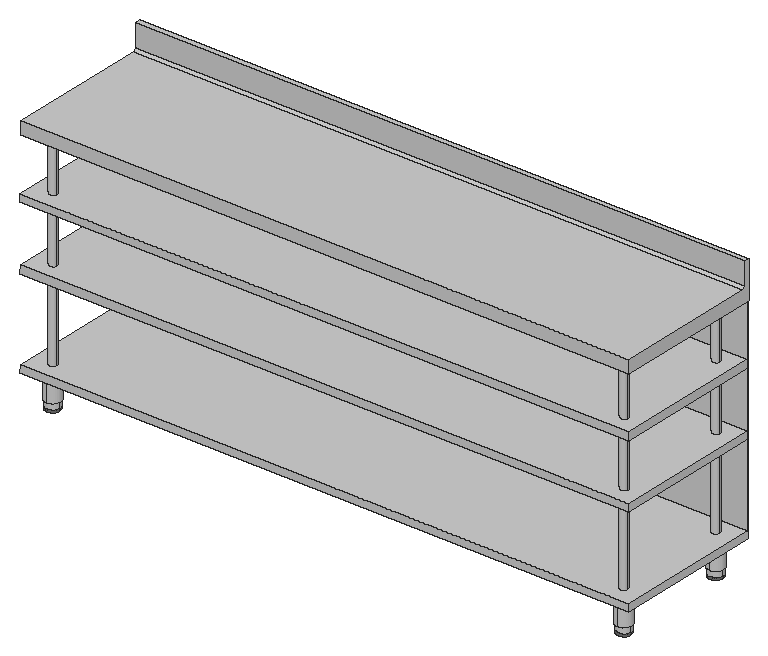
Revit family "QF_INFRICO_ME602500_250818015330", category Specialty Equipment, Revit 2021
Family settings
  Round Connector Dimension = Use Diameter
  Part Type = Normal
  OmniClass Number = 23.40.40.14
  OmniClass Title = Food Service Equipment
  Work Plane-Based = No
  Always vertical = Yes
  Cut with Voids When Loaded = No
  Shared = No
  Room Calculation Point = No
Parameters (values of type "ME602500")
  Weight [instance] = 122.00 kg
  Warranty Start Date [instance] = ""
  Warranty Duration [instance] = ""
  URL Recommended Spares List [instance] = ""
  URL Manufacturer [instance] = ""
  URL Cutsheet [instance] = ""
  URL Critical Spares List [instance] = ""
  URL = "www.infrico.com"
  Technical Documentation [instance] = ""
  Tag Number [instance] = ""
  Status [instance] = ""
  Specification by User [instance] = ""
  Specification by Manufacturer [instance] = ""
  Sound Level [instance] = ""
  Show Logo [instance] = yes
  Show Clearances [instance] = yes
  Service Life Duration [instance] = ""
  Serial Number [instance] = ""
  Seismic Rating [instance] = ""
  SMACNA No [instance] = ""
  Revision Code [instance] = ""
  Revision [instance] = ""
  Production Year [instance] = ""
  Point Load [instance] = 0
  Other Equipment Approvals [instance] = ""
  NAFEM Spec ID Number [instance] = ""
  Model Warning [instance] = ""
  Model = "ME602500"
  Masterspec [instance] = ""
  Manufacturer = "INFRICO"
  Length Actual [instance] = 2452 mm
  Item Number [instance] = ""
  Installed By [instance] = ""
  Installation Date [instance] = ""
  Identify Quantity as Lot [instance] = no
  ID [instance] = ""
  Hygiene Approval [instance] = ""
  Height Actual [instance] = 1050 mm
  Furnished By [instance] = ""
  Foodservice Equipment Identifier [instance] = no
  ETL Approved [instance] = no
  Description = "SHELF UNIT AND WORKING TABLE - ME SERIES"
  Depth Actual [instance] = 600 mm
  Default Elevation = 0 mm
  Cost = 0
  CSI MasterFormat [instance] = ""
  CE Approved [instance] = no
  Barcode [instance] = 0
  Author [instance] = ""
  Asset Identifier [instance] = ""
  Accessory [instance] = no
Reference planes
  plane 1 "Center (Front/Back)": y = 0
  plane 2: z = 0
  plane 3 "Center (Left/Right)": x = 0
Dimensions and locks
  aligned and locked: level to plane 2
Nested families
  nested 1: "QF_INFRICO_ME602500_2920" at (0, 0, 0), type "ME602500"
    with Weight 122.00 kg, Warranty Start Date "", Warranty Duration "", URL Cutsheet "", Technical Documentation "", Tag Number "", Status "", Specification by User "", Specification by Manufacturer "", Sound Level "", Solid Fuel Type "", Show Logo yes, Show Clearances yes, Show Clearance yes, Service Life Duration "", Serial Number "", Seismic Rating "", SMACNA No "", Revision Code "", Revision "", Production Year "", Point Load 0, Other Equipment Approvals "", NAFEM Spec ID Number "", Model Warning "", Masterspec "", Length Actual 2452 mm, Item Number "", Installed By "", Installation Date "", Identify Quantity as Lot yes, ID "", Hygiene Approval "", Height Actual 1050 mm, Furnished By "", Foodservice Equipment Identifier yes, ETL Approved yes, Depth Actual 600 mm, CSI MasterFormat "", CE Approved no, Barcode "", Author "", Asset Identifier "", Accessory no
  nested 2: "QF_INFRICO_WORKTOP_BACKSPLASH_3811" at (0, 0, 990), type "BKSP25_60"
    with Weight 0.00 kg, Warranty Start Date "", Warranty Duration "", URL Cutsheet "", Technical Documentation "", Tag Number "", Status "", Specification by User "", Specification by Manufacturer "", Sound Level "", Solid Fuel Type "", Show Logo yes, Show Clearances yes, Show Clearance yes, Service Life Duration "", Serial Number "", Seismic Rating "", SMACNA No "", Revision Code "", Revision "", Production Year "", Point Load 0, Other Equipment Approvals "", NAFEM Spec ID Number "", Model Warning "", Masterspec "", Length Actual 2452 mm, Item Number "", Installed By "", Installation Date "", Identify Quantity as Lot yes, ID "", Hygiene Approval "", Height Actual 150 mm, Furnished By "", Foodservice Equipment Identifier yes, ETL Approved yes, Depth Actual 600 mm, CSI MasterFormat "", CE Approved no, Barcode "", Author "", Asset Identifier "", Accessory yes
Definition of nested family "QF_INFRICO_ME602500_2920"
  Parameters (values of type "ME602500")
    Weight [instance] = 0.00 kg
    Warranty Start Date [instance] = ""
    Warranty Duration [instance] = ""
    URL Cutsheet [instance] = ""
    URL = "www.infrico.com"
    Technical Documentation [instance] = ""
    Tag Number [instance] = ""
    Status [instance] = ""
    Specification by User [instance] = ""
    Specification by Manufacturer [instance] = ""
    Sound Level [instance] = ""
    Solid Fuel Type [instance] = ""
    Show Logo [instance] = yes
    Show Clearances [instance] = yes
    Show Clearance [instance] = yes
    Service Life Duration [instance] = ""
    Serial Number [instance] = ""
    Seismic Rating [instance] = ""
    SMACNA No [instance] = ""
    Revision Code [instance] = ""
    Revision [instance] = ""
    Production Year [instance] = ""
    Point Load [instance] = 0
    Other Equipment Approvals [instance] = ""
    NAFEM Spec ID Number [instance] = ""
    Model Warning [instance] = ""
    Model = "ME602500"
    Masterspec [instance] = ""
    Manufacturer = "INFRICO"
    Length Actual [instance] = 0 mm
    Item Number [instance] = ""
    Installed By [instance] = ""
    Installation Date [instance] = ""
    Identify Quantity as Lot [instance] = yes
    ID [instance] = ""
    Hygiene Approval [instance] = ""
    Height Actual [instance] = 0 mm
    Furnished By [instance] = ""
    Foodservice Equipment Identifier [instance] = yes
    ETL Approved [instance] = yes
    Description = "SHELF UNIT AND WORKING TABLE - ME SERIES"
    Depth Actual [instance] = 0 mm
    Default Elevation = 0 mm
    CSI MasterFormat [instance] = ""
    CE Approved [instance] = yes
    Barcode [instance] = ""
    Author [instance] = ""
    Asset Identifier [instance] = ""
    Assembly Code = "E1090320"
    Accessory [instance] = yes
  Reference planes
    plane 1 "Back": y = 0
    plane 2: z = 0
    plane 3 "Left": x = 0
    plane 4 "Right": x = 2452
    plane 5 "Front": y = -600
    plane 6 "Top": z = 990
  Forms (mm)
    Extrusion 1, solid
      sketch origin (-1970.077, 409.342, 162.208) x (1, 0, 0) y (0, 1, 0)
        loop
          circle (2046.064, -477.342) r 15
      from -2.208 to 827.792
    Extrusion 2, solid
      sketch origin (-2000, 0, 130) x (0, 1, 0) y (0, 0, 1)
        loop
          line (0, 0) -> (0, 30) -> (-600, 30) -> (-600, 0) -> (0, 0)
      from 2000 to 4452
    Extrusion 3, solid
      sketch origin (329.936, 409.342, 162.208) x (1, 0, 0) y (0, 1, 0)
        loop
          circle (2046.064, -477.342) r 15
      from -2.208 to 827.792
    Extrusion 4, solid
      sketch origin (-1970.077, -53.658, 162.208) x (1, 0, 0) y (0, 1, 0)
        loop
          circle (2046.064, -477.342) r 15
      from -2.208 to 827.792
    Extrusion 5, solid
      sketch origin (329.936, -53.658, 162.208) x (1, 0, 0) y (0, 1, 0)
        loop
          circle (2046.064, -477.342) r 15
      from -2.208 to 827.792
    Extrusion 6, solid
      sketch origin (1144.499, 0, 130) x (0, 1, 0) y (0, 0, 1)
        loop
          line (0, 30) -> (0, 860) -> (-2, 860) -> (-2, 30) -> (0, 30)
      from -1144.499 to 1307.501
    Extrusion 7, solid
      sketch origin (-123.986, 49, 130) x (0, 1, 0) y (-1, 0, 0)
        loop
          line (-530, -154.986) -> (-630, -154.986) -> (-630, -244.986) -> (-530, -244.986) -> (-530, -154.986)
      from 0 to -3
    Extrusion 8, solid
      sketch origin (-123.986, 49, 0) x (1, 0, 0) y (0, 1, 0)
        loop
          circle (199.986, -580) r 28
      from 9 to 35
    Extrusion 9, solid
      sketch origin (-123.986, 49, 0) x (1, 0, 0) y (0, 1, 0)
        loop
          circle (199.986, -580) r 28.5
      from 0 to 9
    Sweep 10, solid
      path origin (-123.986, 49, 0) x (0, 1, 0) y (0, 0, 1)
        loop
          line (-580, 35) -> (-580, 127)
      profile origin (-123.986, -531, 81) x (0, -1, 0) y (1, 0, 0)
        loop
          circle (0, 199.986) r 32
    Extrusion 11, solid
      sketch origin (-123.986, 512, 130) x (0, 1, 0) y (-1, 0, 0)
        loop
          line (-530, -154.986) -> (-630, -154.986) -> (-630, -244.986) -> (-530, -244.986) -> (-530, -154.986)
      from 0 to -3
    Extrusion 12, solid
      sketch origin (-123.986, 512, 0) x (1, 0, 0) y (0, 1, 0)
        loop
          circle (199.986, -580) r 28
      from 9 to 35
    Extrusion 13, solid
      sketch origin (-123.986, 512, 0) x (1, 0, 0) y (0, 1, 0)
        loop
          circle (199.986, -580) r 28.5
      from 0 to 9
    Sweep 14, solid
      path origin (-123.986, 512, 0) x (0, 1, 0) y (0, 0, 1)
        loop
          line (-580, 35) -> (-580, 127)
      profile origin (-123.986, -68, 81) x (0, -1, 0) y (1, 0, 0)
        loop
          circle (0, 199.986) r 32
    Extrusion 15, solid
      sketch origin (2136.027, 49, 130) x (0, 1, 0) y (-1, 0, 0)
        loop
          line (-530, -194.986) -> (-630, -194.986) -> (-630, -284.986) -> (-530, -284.986) -> (-530, -194.986)
      from 0 to -3
    Extrusion 16, solid
      sketch origin (2136.027, 49, 0) x (1, 0, 0) y (0, 1, 0)
        loop
          circle (239.986, -580) r 28
      from 9 to 35
    Extrusion 17, solid
      sketch origin (2136.027, 49, 0) x (1, 0, 0) y (0, 1, 0)
        loop
          circle (239.986, -580) r 28.5
      from 0 to 9
    Sweep 18, solid
      path origin (2576.027, 49, 0) x (0, -1, 0) y (0, 0, 1)
        loop
          line (580, 35) -> (580, 127)
      profile origin (2576.027, -531, 81) x (0, 1, 0) y (-1, 0, 0)
        loop
          circle (0, 199.986) r 32
    Extrusion 19, solid
      sketch origin (2136.027, 512, 130) x (0, 1, 0) y (-1, 0, 0)
        loop
          line (-530, -194.986) -> (-630, -194.986) -> (-630, -284.986) -> (-530, -284.986) -> (-530, -194.986)
      from 0 to -3
    Extrusion 20, solid
      sketch origin (2136.027, 512, 0) x (1, 0, 0) y (0, 1, 0)
        loop
          circle (239.986, -580) r 28
      from 9 to 35
    Extrusion 21, solid
      sketch origin (2136.027, 512, 0) x (1, 0, 0) y (0, 1, 0)
        loop
          circle (239.986, -580) r 28.5
      from 0 to 9
    Sweep 22, solid
      path origin (2576.027, 12, 0) x (0, -1, 0) y (0, 0, 1)
        loop
          line (80, 35) -> (80, 127)
      profile origin (2576.027, -68, 81) x (0, 1, 0) y (-1, 0, 0)
        loop
          circle (0, 199.986) r 32
    Extrusion 23, solid
      sketch origin (-2000, 0, 490) x (0, 1, 0) y (0, 0, 1)
        loop
          line (0, 0) -> (0, 30) -> (-600, 30) -> (-600, 0) -> (0, 0)
      from 2000 to 4452
    Extrusion 24, solid
      sketch origin (-2000, 0, 748) x (0, 1, 0) y (0, 0, 1)
        loop
          line (0, 0) -> (0, 30) -> (-600, 30) -> (-600, 0) -> (0, 0)
      from 2000 to 4452
  Lines and regions (mm)
    symbolic lines
      curve 1: line (0, 0, 0) -> (0, -600, 0)
      curve 2: line (0, -600, 0) -> (2452, -600, 0)
      curve 3: line (2452, -600, 0) -> (2452, 0, 0)
      curve 4: line (2452, 0, 0) -> (0, 0, 0)
  Dimensions and locks
    plane 3 "Left" to plane 4 "Right" = 2452 mm
    plane 1 "Back" to plane 5 "Front" = 600 mm  (x2)
    plane 4 "Right" to plane 3 "Left" = 2452 mm
    plane 6 "Top" to level = 990 mm  (x2)
    aligned and locked: level to plane 2
Definition of nested family "QF_INFRICO_WORKTOP_BACKSPLASH_3811"
  Parameters (values of type "ENC12CPMC10")
    Weight [instance] = 0.00 kg
    Warranty Start Date [instance] = ""
    Warranty Duration [instance] = ""
    URL Cutsheet [instance] = ""
    URL = "www.infrico.com"
    Technical Documentation [instance] = ""
    Tag Number [instance] = ""
    Status [instance] = ""
    Specification by User [instance] = ""
    Specification by Manufacturer [instance] = ""
    Sound Level [instance] = ""
    Solid Fuel Type [instance] = ""
    Show Logo [instance] = yes
    Show Clearances [instance] = yes
    Show Clearance [instance] = yes
    Service Life Duration [instance] = ""
    Serial Number [instance] = ""
    Seismic Rating [instance] = ""
    SMACNA No [instance] = ""
    Revision Code [instance] = ""
    Revision [instance] = ""
    Production Year [instance] = ""
    Point Load [instance] = 0
    Other Equipment Approvals [instance] = ""
    NAFEM Spec ID Number [instance] = ""
    Model Warning [instance] = ""
    Model = "ENC12CPGN19"
    Masterspec [instance] = ""
    Manufacturer = "INFRICO"
    Length Actual [instance] = 0 mm
    Length = 1000 mm
    Item Number [instance] = ""
    Installed By [instance] = ""
    Installation Date [instance] = ""
    Identify Quantity as Lot [instance] = yes
    ID [instance] = ""
    Hygiene Approval [instance] = ""
    Height Actual [instance] = 0 mm
    Furnished By [instance] = ""
    Foodservice Equipment Identifier [instance] = yes
    ETL Approved [instance] = yes
    Description = "WORKTOP WITH BACKSPLASH"
    Depth Actual [instance] = 0 mm
    Depth = 600 mm
    Default Elevation = 0 mm
    CSI MasterFormat [instance] = ""
    CE Approved [instance] = yes
    Barcode [instance] = ""
    Author [instance] = ""
    Asset Identifier [instance] = ""
    Assembly Code = "E1090320"
    Accessory [instance] = yes
  Types (30, lengths in mm): name | Model | Length | Description | Depth
    ENC12CPGN19 | "ENC12CPGN19" | 1960 | "WORKTOP WITH BACKSPLASH" | 700
    ENC12CPGN14 | "ENC12CPGN14" | 1468 | "WORKTOP WITH BACKSPLASH" | 700
    ENC12CPGN24 | "ENC12CPGN24" | 2452 | "WORKTOP WITH BACKSPLASH" | 700
    ENC12CPGN14R | "ENC12CPGN14R" | 1160 | "WORKTOP WITH BACKSPLASH" | 700
    ENC12CPGN19R | "ENC12CPGN19R" | 1652 | "WORKTOP WITH BACKSPLASH" | 700
    ENC12CPGN24R | "ENC12CPGN24R" | 2144 | "WORKTOP WITH BACKSPLASH" | 700
    ENC12CPBM20 | "ENC12CPBM20" | 1960 | "WORKTOP WITH BACKSPLASH" | 600
    ENC12CPBM15 | "ENC12CPBM15" | 1468 | "WORKTOP WITH BACKSPLASH" | 600
    ENC12CPBM25 | "ENC12CPBM25" | 2452 | "WORKTOP WITH BACKSPLASH" | 600
    ENC12CPBM15R | "ENC12CPBM15R" | 1160 | "WORKTOP WITH BACKSPLASH" | 600
    ENC12CPBM20R | "ENC12CPBM20R" | 1652 | "WORKTOP WITH BACKSPLASH" | 600
    ENC12CPBM25R | "ENC12CPBM25R" | 2144 | "WORKTOP WITH BACKSPLASH" | 600
    ENC12CPME10 | "ENC12CPME10" | 978 | "WORKTOP WITH BACKSPLASH" | 700
    ENC12CPME14 | "ENC12CPME14" | 1460 | "WORKTOP WITH BACKSPLASH" | 700
    ENC12CPMC8 | "ENC12CPGN19" | 820 | "WORKTOP WITH BACKSPLASH" | 600
    ENC12CPMC10 | "ENC12CPGN19" | 1000 | "WORKTOP WITH BACKSPLASH" | 600
    ENC12CPMC15 | "ENC12CPGN19" | 1468 | "WORKTOP WITH BACKSPLASH" | 600
    BKSP10_30 | "BKSP10_30" | 1000 | "WORKTOP WITH BACKSPLASH 1000_300" | 300
    BKSP15_60 | "BKSP15_60" | 1468 | "WORKTOP WITH BACKSPLASH 1500_600" | 600
    BKSP15_30 | "BKSP15_30" | 1468 | "WORKTOP WITH BACKSPLASH 1500_300" | 300
    BKSP20_30 | "BKSP20_30" | 1960 | "WORKTOP WITH BACKSPLASH 2000_300" | 300
    BKSP20_60 | "BKSP20_60" | 1960 | "WORKTOP WITH BACKSPLASH 2000_600" | 600
    BKSP10_60 | "BKSP10_60" | 1000 | "WORKTOP WITH BACKSPLASH 1000_600" | 600
    BKSP10_70_MT | "BKSP10_70_MT" | 1000 | "WORKTOP WITH BACKSPLASH 1000_700" | 700
    BKSP15_60_MT | "BKSP15_60_MT" | 1500 | "WORKTOP WITH BACKSPLASH 1500_600" | 600
    BKSP15_70_MT | "BKSP15_70_MT" | 1500 | "WORKTOP WITH BACKSPLASH 1500_700" | 700
    BKSP20_60_MT | "BKSP20_60_MT" | 2000 | "WORKTOP WITH BACKSPLASH 2000_600" | 600
    BKSP20_70_MT | "BKSP20_70_MT" | 2000 | "WORKTOP WITH BACKSPLASH 2000_700" | 700
    BKSP25_30 | "BKSP25_30" | 2452 | "WORKTOP WITH BACKSPLASH 2500_300" | 300
    BKSP25_60 | "BKSP25_60" | 2452 | "WORKTOP WITH BACKSPLASH 2500_600" | 600
  Reference planes
    plane 1 "Back": y = 0
    plane 2: z = 0
    plane 3 "Left": x = 0
    plane 4 "Right": x = 1000
    plane 5 "Front": y = -600
    plane 6 "Top": z = 150.03
  Forms (mm)
    Extrusion 1, solid
      sketch origin (0, 0, -660) x (0, 1, 0) y (0, 0, 1)
        loop
          line (0, 660) -> (0, 810.03) -> (-20, 810.03) -> (-20, 720.071) -> (-30.071, 710) -> (-600, 710) -> (-600, 660) -> (0, 660)
      from 0 to 1000
  Lines and regions (mm)
    symbolic lines
      curve 1: line (0, -600, 0) -> (1000, -600, 0)
      curve 2: line (0, 0, 0) -> (0, -600, 0)
      curve 3: line (1000, -600, 0) -> (1000, 0, 0)
      curve 4: line (1000, 0, 0) -> (0, 0, 0)
      curve 5: line (0, -20, 0) -> (1000, -20, 0)
  Dimensions and locks
    plane 6 "Top" to level = 150.03 mm
    plane 4 "Right" to plane 3 "Left" = 1000 mm
    "Length": plane 3 "Left" to plane 4 "Right"
    "Depth": plane 5 "Front" to plane 1 "Back"
    aligned and locked: level to plane 2
    aligned and locked: Extrusion 1 to plane 4 "Right"
  Automatic sketch dimensions
    curve 1 to plane 3 "Left" = 0 mm
    plane 1 "Back" to curve 4 = 0 mm
    curve 4 to plane 4 "Right" = 0 mm
    curve 1 to plane 5 "Front" = 0 mm
    plane 1 "Back" to curve 5 = 20 mm
    Extrusion 1 sketch curve to level = 0 mm
    Extrusion 1 sketch curve to plane 5 "Front" = 0 mm
    Extrusion 1 sketch curve to plane 6 "Top" = 0 mm
    Extrusion 1 sketch curve to plane 1 "Back" = 0 mm
    plane 1 "Back" to Extrusion 1 sketch curve = 30.071 mm
    Extrusion 1 sketch curve to Extrusion 1 sketch curve = 10.071 mm  (x2)
    level to Extrusion 1 sketch curve = 50 mm
